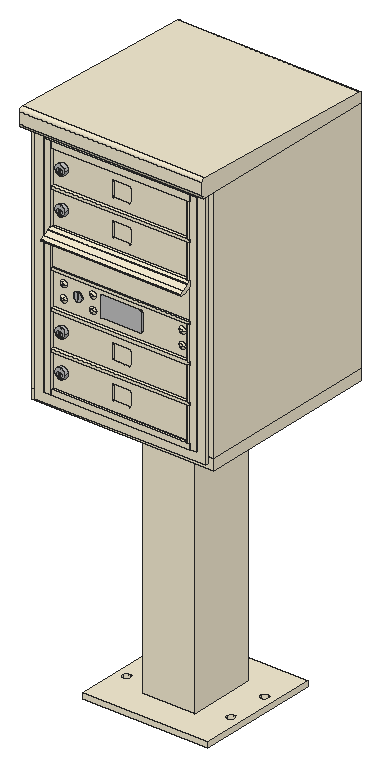
Revit family "Mailboxes_4C-Salsbury_Industries-Pedestal_Mounted-6_Door_High_Units", category Specialty Equipment, Revit 2016
Family settings
  Part Type = Normal
  Round Connector Dimension = Use Diameter
  OmniClass Number = 23.40.90.14.11
  OmniClass Title = Mail Boxes
  Work Plane-Based = No
  Always vertical = Yes
  Cut with Voids When Loaded = No
  Shared = No
  Room Calculation Point = No
Parameters (values of type "3406S-04")
  Width = 17.496"
  Visible Door Number [instance] = yes
  Version = "3.0 (01/30/20)"
  URL = "www.mailboxes.com"
  Type Comments = "Pedestal Mounted 4C Horizontal Mailboxes - Front Loading"
  OmniClass 23 Title = "Mail Boxes"
  OmniClass 23 Number = "23.40.90.14.11"
  Model = "3406S-04"
  MasterFormat Title = "Postal Specialties"
  MasterFormat Number = "10 55 00"
  Manufacturer = "Salsbury Industries"
  Lock Material = Stainless Steel - Salsbury Finish -  Polished
  Height = 51.625"
  Front Panel Material [instance] = Paint - Salsbury Finish - Sandstone
  Pedestal Height = 26.000"
  Door Slot R6 Number [instance] = "4"
  Door Slot R5 Number [instance] = "3"
  Door Slot R4 Number [instance] = "0"
  Door Slot R3 Number [instance] = "0"
  Door Slot R2 Number [instance] = "2"
  Door Slot R1 Number [instance] = "1"
  Door Slot L6 Number [instance] = "0"
  Door Slot L5 Number [instance] = "0"
  Door Slot L4 Number [instance] = "0"
  Door Slot L3 Number [instance] = "0"
  Door Slot L2 Number [instance] = "0"
  Door Slot L1 Number [instance] = "0"
  Description = "6 Door High Unit:  4 MB1, OM2"
  Depth = 19.000"
  Assembly Description = "Mailboxes"
  Assembly Code = "C1030910"
  4C Unit Height = 23.500"
  4C Unit Elevation = 26.375"
  4C Unit = Mailboxes_4C-Salsbury_Industries-Front_Load-6_Door_High_Units : 3706S-04 FL
Reference planes (in)
  plane 1 "Center (Front/Back)": y = 0
  plane 2 "Bottom of Unit": z = 0
  plane 3 "Center (Left/Right)": x = 0
  plane 4 "Left Side of Unit": x = 8.748
  plane 5 "Right Side of Unit": x = -8.748
  plane 6 "Front of Unit": y = -9.5
  plane 7 "Back of Unit": y = 9.5
  plane 8: z = 25.8125
  plane 9 "Top of Unit": z = 51.625
  plane 10 "Top Trim Line of Enclosure": z = 49.875
  plane 11 "Left Trim Line of Enclosure": x = 7.6855
  plane 12 "Right Trim Line of Enclosure": x = -7.685
  plane 13 "Top Back Line of Unit": z = 50.875
  plane 14 "Top of Pedestal, Bottom of Enclosure": z = 26
  plane 15 "Alignment of 4C Unit": y = -8.125
  plane 16: x = -8.667
  plane 17: x = 8.667
  plane 18: y = 9.419
  plane 19: y = -8.044
  plane 20: x = -8.667
  plane 21: x = 8.667
  plane 22: y = -8.044
  plane 23: y = 9.419
  plane 24: x = -8.667
  plane 25: x = 8.667
  plane 26: y = 9.419
  plane 27: y = -8.044
  plane 28 "Bottom Trim Line of 4C Unit": z = 26.375
  plane 29 "4C Unit Side Alignment": x = -8.17183
  plane 30 "Top Pedestal Base-Bottom Side": z = 25.5
  plane 31 "Bottom Line of Enclosure Opening": z = 27
  plane 32: z = 26.081
  plane 33 "Bottom Pedestal Base-Top Side": z = 0.5
  plane 34 "Pedestal Support - Left Side": x = -2.50001
  plane 35 "Pedestal Support - Right Side": x = 2.50001
  plane 36 "Back of Pedestal Base": y = 6.625
  plane 37 "Front of Pedestal Base": y = -5.375
  plane 38 "Pedestal Support - Back": y = 3.812
  plane 39 "Pedestal Support - Front": y = -2.563
  plane 40 "Left Side of Pedestal Base": x = -6
  plane 41 "Right Side of Pedestal Base": x = 6
  plane 42: y = 2.625
  plane 43: y = -1.375
  plane 44: x = -5
  plane 45: x = 5
Forms (in)
  Extrusion 1, solid, material "Paint - Salsbury Finish - Sandstone" <- "Front Panel Material"
    sketch origin (0, 0, 1.5) x (0, 1, 0) y (-1, 0, 0)
      loop
        line (-8.125, 7.685) -> (-8.044, 7.685) -> (-8.044, 8.667) -> (9.419, 8.667) -> (9.419, -8.667) -> (-8.044, -8.667) -> (-8.044, -7.6855) -> (-8.125, -7.6855) -> (-8.125, -8.748) -> (9.5, -8.748) -> (9.5, 8.748) -> (-8.125, 8.748) -> (-8.125, 7.685)
    from 25.5 to 48.375
  Extrusion 2, solid, material "Paint - Salsbury Finish - Sandstone" <- "Front Panel Material"
    sketch origin (0, 0, 26) x (0, 1, 0) y (-1, 0, 0)
      loop
        line (9.5, 8.748) -> (-8.125, 8.748) -> (-8.125, -8.748) -> (9.5, -8.748) -> (9.5, 8.748)
      loop
        line (9.419, 8.667) -> (-8.044, 8.667) -> (-8.044, -8.667) -> (9.419, -8.667) -> (9.419, 8.667)
    from 0 to 1
  Extrusion 3, solid, material "Paint - Salsbury Finish - Sandstone" <- "Front Panel Material"
    sketch origin (0, 0, 26) x (0, 1, 0) y (-1, 0, 0)
      loop
        line (9.419, 8.667) -> (-8.044, 8.667) -> (-8.044, -8.667) -> (9.419, -8.667) -> (9.419, 8.667)
    from 0 to 0.081
  Extrusion 4, solid, material "Paint - Salsbury Finish - Sandstone" <- "Front Panel Material"
    sketch origin (0, 0, 0) x (0, 1, 0) y (0, 0, 1)
      loop
        line (-9.18965, 49.875) -> (9.5, 49.875) -> (9.5, 50.76571)
        arc (9.5, 50.76571) -> (9.47754, 50.83373) -> (9.419, 50.875) r 0.11423
        line (9.419, 50.875) -> (-9.184, 51.625)
        arc (-9.184, 51.625) -> (-9.40731, 51.53386) -> (-9.5, 51.31119) r 0.31382
        line (-9.5, 51.31119) -> (-9.5, 50.18535)
        arc (-9.5, 50.18535) -> (-9.4091, 49.9659) -> (-9.18965, 49.875) r 0.31035
    from -8.748 to 8.748
  Extrusion 5, solid, material "Paint - Salsbury Finish - Sandstone" <- "Front Panel Material"
    sketch origin (0, 0, 0) x (1, 0, 0) y (0, 1, 0)
      loop
        line (-6, 6.625) -> (-6, -5.375) -> (6, -5.375) -> (6, 6.625) -> (-6, 6.625)
    from 0 to 0.5
  Extrusion 6, solid, material "Paint - Salsbury Finish - Sandstone" <- "Front Panel Material"
    sketch origin (0, 0, 25.5) x (0, -1, 0) y (1, 0, 0)
      loop
        line (-6.625, -6) -> (5.375, -6) -> (5.375, 6) -> (-6.625, 6) -> (-6.625, -6)
    from 0 to 0.5
  Extrusion 7, solid, material "Paint - Salsbury Finish - Sandstone" <- "Front Panel Material"
    sketch origin (0, 0, 0.5) x (0, -1, 0) y (1, 0, 0)
      loop
        line (-3.812, -2.50001) -> (2.563, -2.50001) -> (2.563, 2.50001) -> (-3.812, 2.50001) -> (-3.812, -2.50001)
    from 0 to 25
  Extrusion 8, void
    sketch origin (0, 0, 0) x (1, 0, 0) y (0, 1, 0)
      loop
        circle (-5, 2.625) r 0.375
      loop
        circle (-5, -1.375) r 0.375
      loop
        circle (5, 2.625) r 0.375
      loop
        circle (5, -1.375) r 0.375
    from 0 to 0.5
  Extrusion 9, void
    sketch origin (0, 0, 25.5) x (0, -1, 0) y (1, 0, 0)
      loop
        circle (-2.625, -5) r 0.375
      loop
        circle (1.375, -5) r 0.375
      loop
        circle (-2.625, 5) r 0.375
      loop
        circle (1.375, 5) r 0.375
    from 0 to 0.5
Cuts and joins
  Extrusion 8 cuts Extrusion 5
  Extrusion 9 cuts Extrusion 3
  Extrusion 9 cuts Extrusion 6
Lines and regions (in)
  symbolic lines
    curve 1: line (-8.748, 9.5, 0) -> (8.748, 9.5, 0)
    curve 2: line (-8.748, -8.125, 0) -> (-8.748, 9.5, 0)
    curve 3: line (8.748, -8.125, 0) -> (-8.748, -8.125, 0)
    curve 4: line (8.748, 9.5, 0) -> (8.748, -8.125, 0)
    curve 5: line (-8.748, 0, 51.625) -> (8.748, 0, 51.625)
    curve 6: line (-8.748, 0, 26) -> (-8.748, 0, 51.625)
    curve 7: line (8.748, 0, 26) -> (-8.748, 0, 26)
    curve 8: line (8.748, 0, 51.625) -> (8.748, 0, 26)
    curve 9: line (-8.748, 0, 49.875) -> (8.748, 0, 49.875)
    curve 10: line (-7.685, 0, 27) -> (-7.685, 0, 49.875)
    curve 11: line (7.6855, 0, 27) -> (7.6855, 0, 49.875)
    curve 12: line (0, -8.125, 49.87573) -> (0, 9.5, 49.87573)
    curve 13: line (0, -8.125, 26) -> (0, -8.125, 49.87573)
    curve 14: line (0, 6.625, 0) -> (0, -5.375, 0)
    curve 15: line (0, 9.5, 49.87573) -> (0, 9.5, 26)
    curve 16: line (0, -8.125, 27) -> (0, 9.5, 27)
    curve 17: line (0, 9.5, 50.76571) -> (0, 9.5, 49.87573)
    curve 18: line (0, 9.5, 49.87573) -> (0, -9.19074, 49.87573)
    curve 19: line (0, -9.5, 50.18499) -> (0, -9.5, 51.31031)
    curve 20: arc (0, -9.19074, 49.87573) -> (0, -9.40942, 49.96631) -> (0, -9.5, 50.18499) r 0.30926
    curve 21: arc (0, -9.5, 51.31031) -> (0, -9.40736, 51.53396) -> (0, -9.18371, 51.6266) r 0.31629
    curve 22: arc (0, 9.5, 50.76571) -> (0, 9.47754, 50.83373) -> (0, 9.419, 50.875) r 0.11423
    curve 23: line (0, 9.419, 50.875) -> (0, -9.18371, 51.6266)
    curve 24: line (-8.748, 0, 27) -> (8.748, 0, 27)
    curve 25: line (-6, 0, 26) -> (-6, 0, 25.5)
    curve 26: line (-6, 0, 25.5) -> (6, 0, 25.5)
    curve 27: line (6, 0, 25.5) -> (6, 0, 26)
    curve 28: line (-6, 0, 0.5) -> (6, 0, 0.5)
    curve 29: line (-6, 0, 0) -> (-6, 0, 0.5)
    curve 30: line (6, 0, 0) -> (-6, 0, 0)
    curve 31: line (6, 0, 0.5) -> (6, 0, 0)
    curve 32: line (-2.50001, 0, 0.5) -> (-2.50001, 0, 25.5)
    curve 33: line (2.50001, 0, 0.5) -> (2.50001, 0, 25.5)
    curve 34: line (0, -8.125, 26) -> (0, 9.5, 26)
    curve 35: line (0, -5.375, 26) -> (0, -5.375, 25.5)
    curve 36: line (0, -5.375, 25.5) -> (0, 6.625, 25.5)
    curve 37: line (0, 6.625, 25.5) -> (0, 6.625, 26)
    curve 38: line (0, 6.625, 0) -> (0, 6.625, 0.5)
    curve 39: line (0, 6.625, 0.5) -> (0, -5.375, 0.5)
    curve 40: line (0, -5.375, 0.5) -> (0, -5.375, 0)
    curve 41: line (0, -2.563, 0.5) -> (0, -2.563, 25.5)
    curve 42: line (0, 3.812, 0.5) -> (0, 3.812, 25.5)
Dimensions and locks (in)
  equal spacing: plane 6 "Front of Unit", plane 1 "Center (Front/Back)", plane 7 "Back of Unit"
  "Depth": plane 6 "Front of Unit" to plane 7 "Back of Unit"
  equal spacing: plane 5 "Right Side of Unit", plane 3 "Center (Left/Right)", plane 4 "Left Side of Unit"
  "Width": plane 5 "Right Side of Unit" to plane 4 "Left Side of Unit"
  equal spacing: plane 2 "Bottom of Unit", plane 8, plane 9 "Top of Unit"
  plane 2 "Bottom of Unit" to plane 9 "Top of Unit" = 51.625"
  "Pedestal Height": plane 2 "Bottom of Unit" to plane 14 "Top of Pedestal, Bottom of Enclosure"
  locked: plane 5 "Right Side of Unit" to plane 12 "Right Trim Line of Enclosure" at 1.063
  locked: plane 11 "Left Trim Line of Enclosure" to plane 4 "Left Side of Unit" at 1.0625
  plane 10 "Top Trim Line of Enclosure" to plane 13 "Top Back Line of Unit" to plane 9 "Top of Unit" = 1.000", 0.750"
  plane 6 "Front of Unit" to plane 15 "Alignment of 4C Unit" = 1.375"
  plane 10 "Top Trim Line of Enclosure" to plane 9 "Top of Unit" = 1.750"
  plane 5 "Right Side of Unit" to plane 16 = 0.081"
  plane 18 to plane 7 "Back of Unit" = 0.081"
  plane 17 to plane 4 "Left Side of Unit" = 0.081"
  plane 15 "Alignment of 4C Unit" to plane 19 = 0.081"
  plane 23 to plane 7 "Back of Unit" = 0.081"
  plane 5 "Right Side of Unit" to plane 20 = 0.081"
  plane 21 to plane 4 "Left Side of Unit" = 0.081"
  plane 15 "Alignment of 4C Unit" to plane 22 = 0.081"
  plane 15 "Alignment of 4C Unit" to plane 27 = 0.081"
  plane 25 to plane 4 "Left Side of Unit" = 0.081"
  plane 5 "Right Side of Unit" to plane 24 = 0.081"
  plane 26 to plane 7 "Back of Unit" = 0.081"
  plane 29 "4C Unit Side Alignment" to plane 12 "Right Trim Line of Enclosure" = 0.48683"
  "Height": plane 9 "Top of Unit" to plane 2 "Bottom of Unit"
  "4C Unit Height": plane 10 "Top Trim Line of Enclosure" to plane 28 "Bottom Trim Line of 4C Unit"
  plane 31 "Bottom Line of Enclosure Opening" to plane 14 "Top of Pedestal, Bottom of Enclosure" to plane 30 "Top Pedestal Base-Bottom Side" = 1.000", 0.500"
  locked: plane 32 to plane 14 "Top of Pedestal, Bottom of Enclosure" at 0.081
  plane 33 "Bottom Pedestal Base-Top Side" to plane 2 "Bottom of Unit" = 0.500"
  equal spacing: plane 34 "Pedestal Support - Left Side", plane 3 "Center (Left/Right)", plane 35 "Pedestal Support - Right Side"
  plane 34 "Pedestal Support - Left Side" to plane 35 "Pedestal Support - Right Side" = 5.00002"
  plane 37 "Front of Pedestal Base" to plane 1 "Center (Front/Back)" to plane 36 "Back of Pedestal Base" = 5.375", 6.625"
  plane 40 "Left Side of Pedestal Base" to plane 3 "Center (Left/Right)" to plane 41 "Right Side of Pedestal Base" = 6.000", 6.000"
  plane 39 "Pedestal Support - Front" to plane 1 "Center (Front/Back)" to plane 38 "Pedestal Support - Back" = 2.563", 3.812"
  plane 45 to plane 41 "Right Side of Pedestal Base" = 1.000"
  plane 40 "Left Side of Pedestal Base" to plane 44 = 1.000"
  plane 42 to plane 36 "Back of Pedestal Base" = 4.000"
  plane 37 "Front of Pedestal Base" to plane 43 = 4.000"
  aligned and locked: level to plane 2 "Bottom of Unit"
  aligned and locked: Extrusion 1 to plane 10 "Top Trim Line of Enclosure"
  aligned and locked: Extrusion 2 sketch curve to Extrusion 1  (x4)
  aligned and locked: Extrusion 3 sketch curve to Extrusion 1  (x3)
  aligned and locked: Extrusion 4 to plane 4 "Left Side of Unit"
  aligned and locked: plane 5 "Right Side of Unit" to Extrusion 4
  aligned and locked: plane 12 "Right Trim Line of Enclosure" to Extrusion 1 sketch curve
  aligned and locked: Extrusion 1 sketch curve to plane 19
  aligned and locked: Extrusion 1 sketch curve to plane 15 "Alignment of 4C Unit"  (x2)
  aligned and locked: Extrusion 1 sketch curve to plane 5 "Right Side of Unit"
  aligned and locked: plane 16 to Extrusion 1 sketch curve
  aligned and locked: Extrusion 1 sketch curve to plane 18
  aligned and locked: plane 7 "Back of Unit" to Extrusion 1 sketch curve
  aligned and locked: plane 4 "Left Side of Unit" to Extrusion 1 sketch curve
  aligned and locked: Extrusion 1 sketch curve to plane 17
  aligned and locked: plane 19 to Extrusion 1 sketch curve
  aligned and locked: plane 11 "Left Trim Line of Enclosure" to Extrusion 1 sketch curve
  aligned and locked: plane 6 "Front of Unit" to Extrusion 4 sketch curve  (x2)
  aligned and locked: plane 10 "Top Trim Line of Enclosure" to Extrusion 4 sketch curve
  aligned and locked: Extrusion 4 sketch curve to plane 7 "Back of Unit"
  aligned and locked: plane 7 "Back of Unit" to Extrusion 4 sketch curve
  aligned and locked: plane 13 "Top Back Line of Unit" to Extrusion 4 sketch curve
  aligned and locked: plane 9 "Top of Unit" to Extrusion 4 sketch curve
  aligned and locked: plane 21 to Extrusion 2 sketch curve
  aligned and locked: Extrusion 2 sketch curve to plane 20
  aligned and locked: plane 23 to Extrusion 2 sketch curve
  aligned and locked: curve 1 to Extrusion 1
  aligned and locked: curve 2 to Extrusion 1
  aligned and locked: curve 3 to Extrusion 2
  aligned and locked: curve 4 to Extrusion 1
  aligned and locked: curve 6 to Extrusion 4
  aligned and locked: curve 7 to Extrusion 2
  aligned and locked: plane 9 "Top of Unit" to curve 5
  aligned and locked: curve 9 to Extrusion 1
  aligned and locked: plane 5 "Right Side of Unit" to curve 9
  aligned and locked: plane 4 "Left Side of Unit" to curve 9
  aligned and locked: Extrusion 1 to curve 10
  aligned and locked: curve 11 to Extrusion 1
  aligned and locked: plane 10 "Top Trim Line of Enclosure" to curve 11
  aligned and locked: plane 7 "Back of Unit" to curve 15
  aligned and locked: plane 2 "Bottom of Unit" to curve 14
  aligned and locked: plane 10 "Top Trim Line of Enclosure" to Extrusion 4
  aligned and locked: plane 15 "Alignment of 4C Unit" to Extrusion 1
  aligned and locked: Extrusion 1 to curve 16
  aligned and locked: plane 7 "Back of Unit" to curve 16
  aligned and locked: plane 15 "Alignment of 4C Unit" to curve 16
  aligned and locked: curve 17 to Extrusion 4
  aligned and locked: curve 18 to curve 12
  aligned and locked: curve 19 to Extrusion 4
  aligned and locked: Extrusion 2 to plane 31 "Bottom Line of Enclosure Opening"
  aligned and locked: Extrusion 1 to Extrusion 2
  aligned and locked: plane 14 "Top of Pedestal, Bottom of Enclosure" to Extrusion 3
  aligned and locked: Extrusion 3 to plane 32
  aligned and locked: plane 36 "Back of Pedestal Base" to Extrusion 5 sketch curve
  aligned and locked: Extrusion 5 sketch curve to plane 40 "Left Side of Pedestal Base"
  aligned and locked: Extrusion 5 sketch curve to plane 37 "Front of Pedestal Base"
  aligned and locked: plane 41 "Right Side of Pedestal Base" to Extrusion 5 sketch curve
  aligned and locked: Extrusion 5 to plane 33 "Bottom Pedestal Base-Top Side"
  aligned and locked: Extrusion 6 sketch curve to plane 36 "Back of Pedestal Base"
  aligned and locked: plane 40 "Left Side of Pedestal Base" to Extrusion 6 sketch curve
  aligned and locked: plane 37 "Front of Pedestal Base" to Extrusion 6 sketch curve
  aligned and locked: Extrusion 6 sketch curve to plane 41 "Right Side of Pedestal Base"
  aligned and locked: Extrusion 6 to plane 14 "Top of Pedestal, Bottom of Enclosure"
  aligned and locked: plane 30 "Top Pedestal Base-Bottom Side" to Extrusion 6
  aligned and locked: Extrusion 5 to level
  aligned and locked: Extrusion 7 sketch curve to plane 38 "Pedestal Support - Back"
  aligned and locked: plane 34 "Pedestal Support - Left Side" to Extrusion 7 sketch curve
  aligned and locked: plane 39 "Pedestal Support - Front" to Extrusion 7 sketch curve
  aligned and locked: Extrusion 7 sketch curve to plane 35 "Pedestal Support - Right Side"
  aligned and locked: Extrusion 7 to plane 30 "Top Pedestal Base-Bottom Side"
  aligned and locked: plane 33 "Bottom Pedestal Base-Top Side" to Extrusion 7
  aligned and locked: Extrusion 8 to plane 33 "Bottom Pedestal Base-Top Side"
  aligned and locked: Extrusion 8 to level
  aligned and locked: Extrusion 9 to plane 14 "Top of Pedestal, Bottom of Enclosure"
  aligned and locked: plane 30 "Top Pedestal Base-Bottom Side" to Extrusion 9
  aligned and locked: plane 31 "Bottom Line of Enclosure Opening" to curve 24
  aligned and locked: plane 31 "Bottom Line of Enclosure Opening" to curve 11
  aligned and locked: curve 25 to cut or joined group of Extrusion 6, Extrusion 9
  aligned and locked: curve 26 to cut or joined group of Extrusion 6, Extrusion 9
  aligned and locked: curve 27 to cut or joined group of Extrusion 6, Extrusion 9
  aligned and locked: curve 28 to cut or joined group of Extrusion 5, Extrusion 8
  aligned and locked: curve 29 to cut or joined group of Extrusion 5, Extrusion 8
  aligned and locked: curve 30 to cut or joined group of Extrusion 5, Extrusion 8
  aligned and locked: curve 31 to cut or joined group of Extrusion 5, Extrusion 8
  aligned and locked: curve 13 to Extrusion 2
  aligned and locked: curve 34 to Extrusion 2
  aligned and locked: curve 35 to cut or joined group of Extrusion 6, Extrusion 9
  aligned and locked: curve 36 to cut or joined group of Extrusion 6, Extrusion 9
  aligned and locked: curve 37 to cut or joined group of Extrusion 6, Extrusion 9
  aligned and locked: curve 38 to cut or joined group of Extrusion 5, Extrusion 8
  aligned and locked: curve 39 to cut or joined group of Extrusion 5, Extrusion 8
  aligned and locked: curve 40 to cut or joined group of Extrusion 5, Extrusion 8
  aligned and locked: curve 33 to Extrusion 7
  aligned and locked: plane 29 "4C Unit Side Alignment" to nested 1
Automatic sketch dimensions
  Extrusion 4 sketch curve to plane 26 = 0.000"
  Extrusion 4 sketch curve to plane 6 "Front of Unit" = 0.31035"
  Extrusion 4 sketch curve to plane 6 "Front of Unit" = 0.31382"
  plane 26 to Extrusion 4 sketch curve = 0.03323"
  Extrusion 4 sketch curve to Extrusion 4 sketch curve = 0.00218"
  plane 22 to Extrusion 2 sketch curve = 0.000"
  plane 27 to Extrusion 3 sketch curve = 0.000"
  plane 43 to Extrusion 8 sketch curve = 0.000"  (x2)
  Extrusion 8 sketch curve to plane 44 = 0.000"  (x2)
  plane 42 to Extrusion 8 sketch curve = 0.000"  (x2)
  Extrusion 8 sketch curve to plane 45 = 0.000"  (x2)
  plane 42 to Extrusion 9 sketch curve = 0.000"  (x2)
  plane 43 to Extrusion 9 sketch curve = 0.000"  (x2)
  Extrusion 9 sketch curve to plane 44 = 0.000"  (x2)
  Extrusion 9 sketch curve to plane 45 = 0.000"  (x2)
  curve 41 to plane 39 "Pedestal Support - Front" = 0.000"
  curve 42 to plane 38 "Pedestal Support - Back" = 0.000"
  plane 13 "Top Back Line of Unit" to curve 23 = 0.000"
  curve 23 to plane 26 = 0.000"
  curve 20 to plane 6 "Front of Unit" = 0.30926"
  curve 21 to plane 6 "Front of Unit" = 0.31629"
  plane 26 to curve 22 = 0.03323"
  curve 13 to plane 10 "Top Trim Line of Enclosure" = 0.00073"
  plane 9 "Top of Unit" to curve 19 = 0.31469"
  plane 34 "Pedestal Support - Left Side" to curve 32 = 0.000"
  curve 25 to plane 14 "Top of Pedestal, Bottom of Enclosure" = 0.000"
  radius of Extrusion 8 sketch curve = 0.375"  (x4)
  radius of Extrusion 9 sketch curve = 0.375"  (x4)
Nested families (in)
  nested 1: "Mailboxes_4C-Salsbury_Industries-Front_Load-6_Door_High_Units" at (7.377, -8.125, -0.308) x (-1, 0, 0) z (0, 0, 1), built-in parameter 1001360 <- "4C Unit Elevation", type <- "4C Unit", Front Panel Material <- "Front Panel Material", Visible Door Number <- "Visible Door Number", Door Slot L1 Number <- "Door Slot L1 Number", Door Slot L2 Number <- "Door Slot L2 Number", Door Slot L3 Number <- "Door Slot L3 Number", Door Slot L4 Number <- "Door Slot L4 Number", Door Slot L5 Number <- "Door Slot L5 Number", Door Slot L6 Number <- "Door Slot L6 Number", Door Slot R1 Number <- "Door Slot R1 Number", Door Slot R2 Number <- "Door Slot R2 Number", Door Slot R3 Number <- "Door Slot R3 Number", Door Slot R4 Number <- "Door Slot R4 Number", Door Slot R5 Number <- "Door Slot R5 Number", Door Slot R6 Number <- "Door Slot R6 Number", type "3706S-04 FL"
    with Visible Door Number yes, Front Panel Material Paint - Salsbury Finish - Sandstone, Door Slot R6 Number "4", Door Slot R5 Number "3", Door Slot R4 Number "0", Door Slot R3 Number "0", Door Slot R2 Number "2", Door Slot R1 Number "1", Door Slot L6 Number "0", Door Slot L5 Number "0", Door Slot L4 Number "0", Door Slot L3 Number "0", Door Slot L2 Number "0", Door Slot L1 Number "0", built-in parameter 1001320 48.000"
Definition of nested family "Mailboxes_4C-Salsbury_Industries-Front_Load-6_Door_High_Units"
  Parameters (values of type "3706S-04 FL")
    Width = 16.344"
    URL = "www.mailboxes.com"
    OmniClass 23 Title = "Mail Boxes"
    OmniClass 23 Number = "23.40.90.14.11"
    Visible Door Number [instance] = yes
    Vertical Center Divider = no
    Version = "4.0 (01/30/20)"
    Type Comments = "4C Standard Horizontal Mailbox - Front Loading"
    Top Back Plate = yes
    Right Inside Wall = yes
    Model = "3706S-04 FL"
    MasterFormat Title = "Postal Specialties"
    MasterFormat Number = "10 55 00"
    Manufacturer = "Salsbury Industries"
    Mail Door Symbollic = yes
    Lock Material = none
    Left Inside Wall = yes
    Keynote = ""
    Height = 23.500"
    Front Panel Material [instance] = none
    Door Slot R6 Number [instance] = "4"
    Door Slot R6 = 3700 Series 4C Door Configurations : MB1 Door w/ Divider
    Door Slot R5 Number [instance] = "3"
    Door Slot R5 = 3700 Series 4C Door Configurations : MB1 Door w/ Divider
    Door Slot R4 Number [instance] = "0"
    Door Slot R4 = 3700 Series 4C OM2 Configuration : OM2-FL
    Door Slot R3 Number [instance] = "0"
    Door Slot R3 = 3700 Series 4C Door Configurations : Empty
    Door Slot R2 Number [instance] = "2"
    Door Slot R2 = 3700 Series 4C Door Configurations : MB1 Door w/ Divider
    Door Slot R1 Number [instance] = "1"
    Door Slot R1 = 3700 Series 4C Door Configurations : MB1 Door
    Door Slot L6 Number [instance] = "0"
    Door Slot L6 = 3700 Series 4C Door Configurations : Empty
    Door Slot L5 Number [instance] = "0"
    Door Slot L5 = 3700 Series 4C Door Configurations : Empty
    Door Slot L4 Number [instance] = "0"
    Door Slot L4 = 3700 Series 4C Door Configurations : Empty
    Door Slot L3 Number [instance] = "0"
    Door Slot L3 = 3700 Series 4C Door Configurations : Empty
    Door Slot L2 Number [instance] = "0"
    Door Slot L2 = 3700 Series 4C Door Configurations : Empty
    Door Slot L1 Number [instance] = "0"
    Door Slot L1 = 3700 Series 4C Door Configurations : Empty
    Description = "6 Door High Unit:  4 MB1, OM2"
    Depth = 17.025"
    Default Elevation [instance] = 48.000"
    Center Extrusion Offset = 0.000"
    Bottom Back Plate = yes
    Back Enclosure Material = none
    Assembly Description = "Mailboxes"
    Assembly Code = "C1030910"
  Types (7): name | Width | Vertical Center Divider | Model | Mail Door Symbollic | Door Slot R6 Number | Door Slot R6 | Door Slot R5 Number | Door Slot R5 | Door Slot R4 | Door Slot R2 Number | Door Slot R2 | Door Slot R1 Number | Door Slot R1 | Door Slot L6 Number | Door Slot L6 | Door Slot L5 Number | Door Slot L5 | Door Slot L4 Number | Door Slot L4 | Door Slot L3 Number | Door Slot L3 | Door Slot L2 Number | Door Slot L2 | Door Slot L1 Number | Door Slot L1 | Description
    3706D-10 FL | 31.09766" | yes | "3706D-10 FL" | yes | "10" | 3700 Series 4C Door Configurations : MB1 Door w/ Divider | "9" | 3700 Series 4C Door Configurations : MB1 Door w/ Divider | 3700 Series 4C OM2 Configuration : OM2-FL | "8" | 3700 Series 4C Door Configurations : MB1 Door w/ Divider | "7" | 3700 Series 4C Door Configurations : MB1 Door | "6" | 3700 Series 4C Door Configurations : MB1 Door w/ Divider | "5" | 3700 Series 4C Door Configurations : MB1 Door w/ Divider | "4" | 3700 Series 4C Door Configurations : MB1 Door w/ Divider | "3" | 3700 Series 4C Door Configurations : MB1 Door w/ Divider | "2" | 3700 Series 4C Door Configurations : MB1 Door w/ Divider | "1" | 3700 Series 4C Door Configurations : MB1 Door | "6 Door High Unit:  10 MB1, OM2"
    3706S-04 FL | 16.344" | no | "3706S-04 FL" | yes | "4" | 3700 Series 4C Door Configurations : MB1 Door w/ Divider | "3" | 3700 Series 4C Door Configurations : MB1 Door w/ Divider | 3700 Series 4C OM2 Configuration : OM2-FL | "2" | 3700 Series 4C Door Configurations : MB1 Door w/ Divider | "1" | 3700 Series 4C Door Configurations : MB1 Door | "0" | 3700 Series 4C Door Configurations : Empty | "0" | 3700 Series 4C Door Configurations : Empty | "0" | 3700 Series 4C Door Configurations : Empty | "0" | 3700 Series 4C Door Configurations : Empty | "0" | 3700 Series 4C Door Configurations : Empty | "0" | 3700 Series 4C Door Configurations : Empty | "6 Door High Unit:  4 MB1, OM2"
    3706D-09 FL | 31.09766" | yes | "3706D-09 FL" | yes | "9" | 3700 Series 4C Door Configurations : MB1 Door w/ Divider | "0" | 3700 Series 4C OM3 Configuration : OM3-FL | 3700 Series 4C Door Configurations : Empty | "8" | 3700 Series 4C Door Configurations : MB1 Door w/ Divider | "7" | 3700 Series 4C Door Configurations : MB1 Door | "6" | 3700 Series 4C Door Configurations : MB1 Door w/ Divider | "5" | 3700 Series 4C Door Configurations : MB1 Door w/ Divider | "4" | 3700 Series 4C Door Configurations : MB1 Door w/ Divider | "3" | 3700 Series 4C Door Configurations : MB1 Door w/ Divider | "2" | 3700 Series 4C Door Configurations : MB1 Door w/ Divider | "1" | 3700 Series 4C Door Configurations : MB1 Door | "6 Door High Unit:  9 MB1, OM3"
    3706D-05 FL | 31.09766" | yes | "3706D-05 FL" | yes | "5" | 3700 Series 4C Door Configurations : MB1 Door w/ Divider | "4" | 3700 Series 4C Door Configurations : MB1 Door w/ Divider | 3700 Series 4C OM2 Configuration : OM2-FL | "3" | 3700 Series 4C Door Configurations : MB1 Door w/ Divider | "2" | 3700 Series 4C Door Configurations : MB1 Door | "1P" | 3700 Series 4C Parcel Configurations : PL5 w/ Divider | "0" | 3700 Series 4C Door Configurations : Empty | "0" | 3700 Series 4C Door Configurations : Empty | "0" | 3700 Series 4C Door Configurations : Empty | "0" | 3700 Series 4C Door Configurations : Empty | "1" | 3700 Series 4C Door Configurations : MB1 Door | "6 Door High Unit:  5 MB1, 1 PL5, OM2"
    3706D-2P FL | 31.09766" | yes | "3706D-2P FL" | no | "2P" | 3700 Series 4C Parcel Configurations : PL6 | "0" | 3700 Series 4C Door Configurations : Empty | 3700 Series 4C Door Configurations : Empty | "1" | 3700 Series 4C Door Configurations : Empty | "0" | 3700 Series 4C Door Configurations : Empty | "1P" | 3700 Series 4C Parcel Configurations : PL6 | "0" | 3700 Series 4C Door Configurations : Empty | "0" | 3700 Series 4C Door Configurations : Empty | "0" | 3700 Series 4C Door Configurations : Empty | "0" | 3700 Series 4C Door Configurations : Empty | "0" | 3700 Series 4C Door Configurations : Empty | "6 Door High Unit:  2 PL6"
    3706S-1P FL | 16.344" | no | "3706S-1P FL" | no | "1P" | 3700 Series 4C Parcel Configurations : PL6 | "0" | 3700 Series 4C Door Configurations : Empty | 3700 Series 4C Door Configurations : Empty | "0" | 3700 Series 4C Door Configurations : Empty | "0" | 3700 Series 4C Door Configurations : Empty | "0" | 3700 Series 4C Door Configurations : Empty | "0" | 3700 Series 4C Door Configurations : Empty | "0" | 3700 Series 4C Door Configurations : Empty | "0" | 3700 Series 4C Door Configurations : Empty | "0" | 3700 Series 4C Door Configurations : Empty | "0" | 3700 Series 4C Door Configurations : Empty | "6 Door High Unit:  1 PL6"
    3706S-03 FL | 16.344" | no | "3706S-03 FL" | yes | "3" | 3700 Series 4C Door Configurations : MB1 Door w/ Divider | "0" | 3700 Series 4C OM3 Configuration : OM3-FL | 3700 Series 4C Door Configurations : Empty | "2" | 3700 Series 4C Door Configurations : MB1 Door w/ Divider | "1" | 3700 Series 4C Door Configurations : MB1 Door | "0" | 3700 Series 4C Door Configurations : Empty | "0" | 3700 Series 4C Door Configurations : Empty | "0" | 3700 Series 4C Door Configurations : Empty | "0" | 3700 Series 4C Door Configurations : Empty | "0" | 3700 Series 4C Door Configurations : Empty | "0" | 3700 Series 4C Door Configurations : Empty | "6 Door High Unit:  3 MB1, OM3"
  Reference planes (in)
    plane 1 "Wall Centerline": y = -3
    plane 2 "Center (Left/Right)": x = 0
    plane 3 "Front": y = 0
    plane 4 "15" AFF": z = 28
    plane 5 "28" AFF": z = 28
    plane 6 "36" AFF": z = 36
    plane 7 "48" AFF": z = 48
    plane 8 "Bottom of Unit": z = 26.683
    plane 9 "Top of Unit": z = 50.183
    plane 10 "Left Side of Unit": x = 15.54883
    plane 11 "Right Side of Unit": x = -0.79517
    plane 12 "28" AFF_Bottom of Unit": z = 26.683
    plane 13 "Top Horiz Trim Align": z = 49.35225
    plane 14 "Bottom Horiz Trim Align": z = 27.515
    plane 15 "Left Trim Align": x = 14.716
    plane 16 "Right Trim Align": x = 0.03766
    plane 17 "Left Door Align": x = 14.06641
    plane 18 "Right Door Align": x = 0.68725
    plane 19 "Top Horiz Door Align": z = 48.76125
    plane 20 "Bottom Horiz Door Align": z = 28
    plane 21 "Front Face of Unit": y = 0.265
    plane 22 "Top Housing Align": z = 49.679
    plane 23 "Top Collar Align": z = 49.531
    plane 24 "Top Box Align": z = 49.176
    plane 25 "Vertical Housing Align": y = -1.205
    plane 26 "Vertical Collar Align": y = -2.205
    plane 27 "Back of Unit": y = -16.76
    plane 28 "Bottom Housing Align": z = 27.187
    plane 29 "Bottom Collar Align": z = 27.335
    plane 30 "Bottom Box Align": z = 27.75
    plane 31 "Door Alignment": y = -0.33191
    plane 32 "Right Housing Align": x = -0.08817
    plane 33 "Right Collar Align": x = 1.34483
    plane 34 "Right Box Side Align": x = 1.67283
    plane 35 "Left Housing Align": x = 14.84183
    plane 36 "Left Collar Align": x = 13.40883
    plane 37 "Left Side Box Align": x = 13.08083
    plane 38 "Top Back Plate Align": z = 48.397
    plane 39 "Bottom Back Plate Align": z = 28.499
    plane 40 "Back": y = -6
    plane 41 "RO Left Side": x = 15.17383
    plane 42 "RO Right Side": x = -0.42017
    plane 43 "RO Bottom": z = 27.058
    plane 44 "RO Top": z = 49.808
    plane 45 "Horiz Centerline": z = 42.04237
    plane 46: z = 27.885
    plane 47: x = 12.99983
    plane 48: x = 12.92758
    plane 49 "Center Extrusion": x = 0
    plane 50 "Center Extrusion Offset": x = 0
    plane 51 "Row 6 Top Align": z = 31.5
    plane 52 "Row 5 Top Align": z = 35
    plane 53 "Row 4 Top Align": z = 38.5
    plane 54 "Row 3 Top Align": z = 42
    plane 55 "Row 2 Top Align": z = 45.5
    plane 56 "Row 16 Top Align-Private": z = 31.5
    plane 57 "Row 15 Top Align-Private": z = 35
    plane 58 "Row 14 Top Align-Private": z = 38.5
    plane 59 "Row 13 Top Align-Private": z = 42
    plane 60 "Row 12 Top Align-Private": z = 45.5
    plane 61 "Row 11 Top Align-Private": z = 49
    plane 62 "Row 10 Top Align-Private": z = 52.25
    plane 63 "Row 9 Top Align-Private": z = 55.75
    plane 64 "Row 8 Top Align-Private": z = 59.25
    plane 65 "Top of Face Gap": z = 61.25
    plane 66 "Top Latch Align": z = 40.876
    plane 67 "Bottom Latch Align": z = 36.05
    plane 68 "Right Latch Align": x = -0.69183
    plane 69 "Left Latch Align": x = 0.69098
    plane 70 "Latch Alignment Edge": x = -0.79517
    plane 71: x = -12.92783
    plane 72: x = -12.99983
    plane 73: y = -16.84203
    plane 74: x = -2
    plane 75: x = -0.7705
    plane 76: x = 0.7705
    plane 77: x = 2
    plane 78: y = -16.67797
    plane 79: x = -0.69098
    plane 80: x = 0.69183
    plane 81: z = 46.897
    plane 82: z = 29.999
    plane 83: z = 48.81729
    plane 84: z = 28.41625
    plane 85: z = 27.446
    plane 86: z = 28.055
    plane 87: y = -6
    plane 88: x = 14.06267
  Forms (in)
    Extrusion 1, solid, material <- "Front Panel Material"
      sketch origin (0, 0, 0) x (1, 0, 0) y (0, 0, 1)
        loop
          line (15.54883, 50.183) -> (-0.79517, 50.183) -> (-0.79517, 26.683) -> (15.54883, 26.683) -> (15.54883, 50.183)
      from -0.265 to 0
    Extrusion 2, void
      sketch origin (0, 0.265, 0.00774) x (0, 0, -1) y (-1, 0, 0)
        loop
          line (-49.34451, -14.716) -> (-27.50726, -14.716) -> (-27.50726, -0.03766) -> (-49.34451, -0.03766) -> (-49.34451, -14.716)
      from -0.265 to 0
    Extrusion 3, solid, material <- "Front Panel Material"
      sketch origin (14.98214, 0.265, -1.67978) x (0, 0, -1) y (-1, 0, 0)
        loop
          line (-51.03203, 14.94448) -> (-51.03203, 14.29489) -> (-29.19478, 14.29489) -> (-29.19478, 14.94448) -> (-51.03203, 14.94448)
      from 0 to -0.265
    Extrusion 4, solid, material <- "Front Panel Material"
      sketch origin (0, 0.265, 0) x (0, 0, -1) y (-1, 0, 0)
        loop
          line (-27.515, -14.06641) -> (-27.515, -0.68725) -> (-28, -0.68725) -> (-28, -14.06641) -> (-27.515, -14.06641)
      from -0.265 to 0
    Extrusion 5, solid, material <- "Front Panel Material"
      sketch origin (0, 0.265, 0) x (0, 0, -1) y (-1, 0, 0)
        loop
          line (-49.35225, -14.716) -> (-27.515, -14.716) -> (-27.515, -14.06641) -> (-49.35225, -14.06641) -> (-49.35225, -14.716)
      from 0 to -0.265
    Extrusion 6, solid, material <- "Front Panel Material"
      sketch origin (0, 0.265, 0) x (0, 0, -1) y (-1, 0, 0)
        loop
          line (-49.35225, -14.06641) -> (-48.76125, -14.06641) -> (-48.76125, -0.68725) -> (-49.35225, -0.68725) -> (-49.35225, -14.06641)
      from -0.265 to 0
    Extrusion 7, solid, material <- "Front Panel Material", visible <- "Vertical Center Divider"
      sketch origin (-0.77934, 0.265, 0) x (0, 0, 1) y (1, 0, 0)
        loop
          line (49.35225, 1.47033) -> (27.515, 1.47033) -> (27.515, 0.08752) -> (49.35225, 0.08752) -> (49.35225, 1.47033)
      from 0 to -1.47
    Extrusion 8, solid
      sketch origin (0, -6, 60) x (0, 0, 1) y (1, 0, 0)
        loop
          line (-60, -60) -> (60, -60) -> (60, 60) -> (-60, 60) -> (-60, -60)
      from 0 to 6
  Cuts and joins
    Extrusion 2 cuts Extrusion 1
  Lines and regions (in)
    model lines
      curve 1: line (15.54883, 0.265, 50.183) -> (14.716, 0.265, 49.35225)
      curve 2: line (-0.79517, 0.265, 50.183) -> (0.03766, 0.265, 49.35225)
      curve 3: line (-0.79517, 0.265, 26.683) -> (0.03766, 0.265, 27.515)
      curve 4: line (15.54883, 0.265, 26.683) -> (14.716, 0.265, 27.515)
    reference lines
      curve 5: line (0.68725, -0.33191, 26.683) -> (0.68725, -0.33191, 50.183)
      curve 6: line (14.06641, -0.33191, 26.683) -> (14.06641, -0.33191, 50.183)
    symbolic lines
      curve 7: line (-0.79517, 0.265, 28) -> (15.54883, 0.265, 28)
      curve 8: line (-0.79517, 0, 28) -> (-0.79517, 0.265, 28)
      curve 9: line (15.54883, 0, 28) -> (-0.79517, 0, 28)
      curve 10: line (15.54883, 0.265, 28) -> (15.54883, 0, 28)
    symbolic lines, visible <- "Mail Door Symbollic"
      curve 11: line (0.68725, 0.265, 28) -> (0.68725, 1.43, 28)
      curve 12: line (0.68725, 1.43, 28) -> (14.06267, 1.43, 28)
      curve 13: line (14.06267, 1.43, 28) -> (14.06267, 0.265, 28)
  Text (in)
    text "Placement Side" at (0, 40.15149, 123.01588), in view "Right"
    text "Placement Side" at (-58.6842, 42.74981, 0), in view "Ref. Level"
    text "Placement Side" at (0, 47.49176, 140.59947), in view "Left"
  Dimensions and locks (in)
    locked: plane 3 "Front" to Extrusion 8
    level to plane 4 "15" AFF" = 28.000"
    locked: level to plane 5 "28" AFF" at 28
    locked: level to plane 6 "36" AFF" at 36
    locked: level to plane 7 "48" AFF" at 48
    plane 8 "Bottom of Unit" to plane 4 "15" AFF" = 1.317"
    "Height": plane 8 "Bottom of Unit" to plane 9 "Top of Unit"
    plane 12 "28" AFF_Bottom of Unit" to plane 5 "28" AFF" = 1.317"
    locked: plane 15 "Left Trim Align" to plane 10 "Left Side of Unit" at 0.83283
    locked: plane 16 "Right Trim Align" to plane 11 "Right Side of Unit" at 0.83283
    locked: plane 13 "Top Horiz Trim Align" to plane 9 "Top of Unit" at 0.83075
    locked: plane 8 "Bottom of Unit" to plane 14 "Bottom Horiz Trim Align" at 0.832
    plane 17 "Left Door Align" to plane 15 "Left Trim Align" = 0.64959"
    locked: plane 18 "Right Door Align" to plane 16 "Right Trim Align" at 0.64959
    locked: plane 19 "Top Horiz Door Align" to plane 13 "Top Horiz Trim Align" at 0.591
    locked: plane 14 "Bottom Horiz Trim Align" to plane 20 "Bottom Horiz Door Align" at 0.485
    plane 20 "Bottom Horiz Door Align" to level = 28.000"
    plane 5 "28" AFF" to level = 28.000"
    plane 6 "36" AFF" to level = 36.000"
    plane 7 "48" AFF" to level = 48.000"
    plane 9 "Top of Unit" to plane 8 "Bottom of Unit" = 23.500"
    plane 21 "Front Face of Unit" to Extrusion 8 = 0.265"
    locked: Extrusion 8 to plane 25 "Vertical Housing Align" at 1.205
    locked: plane 25 "Vertical Housing Align" to plane 26 "Vertical Collar Align" at 1
    plane 25 "Vertical Housing Align" to plane 27 "Back of Unit" = 15.555"
    "Depth": plane 21 "Front Face of Unit" to plane 27 "Back of Unit"
    locked: plane 9 "Top of Unit" to plane 22 "Top Housing Align" at 0.504
    locked: plane 22 "Top Housing Align" to plane 23 "Top Collar Align" at 0.148
    locked: plane 23 "Top Collar Align" to plane 24 "Top Box Align" at 0.355
    locked: plane 28 "Bottom Housing Align" to plane 8 "Bottom of Unit" at 0.504
    locked: plane 29 "Bottom Collar Align" to plane 28 "Bottom Housing Align" at 0.148
    locked: plane 30 "Bottom Box Align" to plane 29 "Bottom Collar Align" at 0.415
    plane 24 "Top Box Align" to plane 30 "Bottom Box Align" = 21.426"  (x2)
    locked: plane 21 "Front Face of Unit" to plane 31 "Door Alignment" at 0.59691
    plane 11 "Right Side of Unit" to plane 32 "Right Housing Align" to plane 33 "Right Collar Align" to plane 34 "Right Box Side Align" = 0.707" locked, 1.433" locked, 0.328" locked
    plane 37 "Left Side Box Align" to plane 36 "Left Collar Align" to plane 35 "Left Housing Align" to plane 10 "Left Side of Unit" = 0.328" locked, 1.433" locked, 0.707" locked
    plane 11 "Right Side of Unit" to plane 32 "Right Housing Align" to plane 33 "Right Collar Align" to plane 34 "Right Box Side Align" = 0.707", 1.433", 0.328"
    plane 37 "Left Side Box Align" to plane 36 "Left Collar Align" to plane 35 "Left Housing Align" to plane 10 "Left Side of Unit" = 0.328", 1.433", 0.707"
    plane 9 "Top of Unit" to plane 24 "Top Box Align" = 1.007"
    plane 30 "Bottom Box Align" to plane 8 "Bottom of Unit" = 1.067"
    locked: plane 24 "Top Box Align" to plane 38 "Top Back Plate Align" at 0.779
    locked: plane 39 "Bottom Back Plate Align" to plane 30 "Bottom Box Align" at 0.749
    locked: plane 41 "RO Left Side" to plane 10 "Left Side of Unit" at 0.375
    locked: plane 42 "RO Right Side" to plane 11 "Right Side of Unit" at 0.375
    locked: plane 8 "Bottom of Unit" to plane 43 "RO Bottom" at 0.375
    locked: plane 44 "RO Top" to plane 9 "Top of Unit" at 0.375
    plane 46 to plane 30 "Bottom Box Align" = 0.135"
    plane 47 to plane 37 "Left Side Box Align" = 0.081"
    plane 48 to plane 47 = 0.07225"
    plane 18 "Right Door Align" to plane 17 "Left Door Align" = 13.37916"
    "Center Extrusion Offset": plane 49 "Center Extrusion" to plane 50 "Center Extrusion Offset"
    plane 20 "Bottom Horiz Door Align" to plane 51 "Row 6 Top Align" to plane 52 "Row 5 Top Align" to plane 53 "Row 4 Top Align" to plane 54 "Row 3 Top Align" to plane 55 "Row 2 Top Align" = 3.500", 3.500" locked, 3.500" locked, 3.500" locked, 3.500" locked
    plane 4 "15" AFF" to plane 56 "Row 16 Top Align-Private" = 3.500"
    plane 56 "Row 16 Top Align-Private" to plane 57 "Row 15 Top Align-Private" to plane 58 "Row 14 Top Align-Private" to plane 59 "Row 13 Top Align-Private" to plane 60 "Row 12 Top Align-Private" to plane 61 "Row 11 Top Align-Private" to plane 62 "Row 10 Top Align-Private" to plane 63 "Row 9 Top Align-Private" to plane 64 "Row 8 Top Align-Private" = 3.500" locked, 3.500" locked, 3.500" locked, 3.500" locked, 3.500" locked, 3.250" locked, 3.500" locked, 3.500" locked
    locked: plane 64 "Row 8 Top Align-Private" to plane 65 "Top of Face Gap" at 2
    level to plane 8 "Bottom of Unit" = 26.683"
    locked: plane 68 "Right Latch Align" to plane 69 "Left Latch Align" at 1.38281
    plane 24 "Top Box Align" to plane 66 "Top Latch Align" = 8.300"
    plane 67 "Bottom Latch Align" to plane 30 "Bottom Box Align" = 8.300"
    plane 70 "Latch Alignment Edge" to plane 68 "Right Latch Align" = 0.10334"
    plane 72 to plane 71 to plane 34 "Right Box Side Align" = 0.072", 14.60066"
    plane 73 to plane 27 "Back of Unit" = 0.08203"
    plane 27 "Back of Unit" to plane 78 = 0.08203"
    plane 74 to plane 75 to plane 68 "Right Latch Align" to plane 50 "Center Extrusion Offset" = 1.2295", 0.07867", 0.69183"
    plane 50 "Center Extrusion Offset" to plane 69 "Left Latch Align" to plane 76 to plane 77 = 0.69098", 0.07952", 1.2295"
    plane 79 to plane 49 "Center Extrusion" to plane 80 = 0.69098" locked, 0.69183" locked
    plane 11 "Right Side of Unit" to Extrusion 1 = 16.344"
    plane 38 "Top Back Plate Align" to plane 81 = 1.500"
    plane 82 to plane 39 "Bottom Back Plate Align" = 1.500"
    locked: plane 83 to plane 24 "Top Box Align" at 0.35871
    plane 14 "Bottom Horiz Trim Align" to plane 84 = 0.90125"
    plane 85 to plane 30 "Bottom Box Align" to plane 86 = 0.304" locked, 0.305" locked
    plane 11 "Right Side of Unit" to plane 2 "Center (Left/Right)" to plane 10 "Left Side of Unit" = 0.79517", 15.54883"
    "Width": plane 11 "Right Side of Unit" to plane 10 "Left Side of Unit"
    locked: plane 18 "Right Door Align" to plane 88 at 13.37542
    aligned and locked: plane 8 "Bottom of Unit" to Extrusion 1 sketch curve
    aligned and locked: plane 10 "Left Side of Unit" to Extrusion 1 sketch curve
    aligned and locked: Extrusion 1 sketch curve to plane 11 "Right Side of Unit"
    aligned and locked: Extrusion 1 sketch curve to plane 9 "Top of Unit"
    aligned and locked: plane 21 "Front Face of Unit" to Extrusion 1
    aligned and locked: Extrusion 3 to plane 16 "Right Trim Align"
    aligned and locked: plane 18 "Right Door Align" to Extrusion 3
    aligned and locked: plane 13 "Top Horiz Trim Align" to Extrusion 3
    aligned and locked: Extrusion 4 to plane 14 "Bottom Horiz Trim Align"
    aligned and locked: Extrusion 4 to plane 17 "Left Door Align"
    aligned and locked: plane 20 "Bottom Horiz Door Align" to Extrusion 4
    aligned and locked: Extrusion 4 to plane 18 "Right Door Align"
    aligned and locked: plane 25 "Vertical Housing Align" to Extrusion 7
    aligned and locked: plane 21 "Front Face of Unit" to Extrusion 7
    aligned and locked: nested 1 to plane 55 "Row 2 Top Align"
    aligned and locked: nested 7 to plane 17 "Left Door Align"
    aligned and locked: nested 7 to plane 55 "Row 2 Top Align"
    aligned and locked: plane 31 "Door Alignment" to nested 7  (x2)
    aligned and locked: nested 8 to plane 17 "Left Door Align"
    aligned and locked: nested 8 to plane 54 "Row 3 Top Align"
    aligned and locked: plane 31 "Door Alignment" to nested 8  (x2)
    aligned and locked: nested 6 to curve 5
    aligned and locked: nested 5 to curve 5
    aligned and locked: nested 3 to curve 5
    aligned and locked: nested 12 to curve 6
    aligned and locked: nested 11 to curve 6
    aligned and locked: nested 10 to curve 6
    aligned and locked: nested 9 to curve 6
    aligned and locked: nested 8 to curve 6
    aligned and locked: nested 7 to curve 6
    aligned and locked: plane 31 "Door Alignment" to nested 6
    aligned and locked: plane 31 "Door Alignment" to nested 12
    aligned and locked: plane 31 "Door Alignment" to nested 5
    aligned and locked: plane 31 "Door Alignment" to nested 3
    aligned and locked: plane 31 "Door Alignment" to nested 9
    aligned and locked: plane 31 "Door Alignment" to nested 11
    aligned and locked: plane 31 "Door Alignment" to nested 2
    aligned and locked: plane 31 "Door Alignment" to nested 4
    aligned and locked: nested 1 to curve 5
    aligned and locked: nested 2 to curve 5
    aligned and locked: nested 4 to curve 5
    aligned and locked: plane 31 "Door Alignment" to nested 1
    aligned and locked: plane 11 "Right Side of Unit" to plane 70 "Latch Alignment Edge"
    aligned and locked: nested 1 to curve 11
    aligned and locked: plane 21 "Front Face of Unit" to cut or joined group of Extrusion 1, Extrusion 2
    aligned and locked: plane 3 "Front" to cut or joined group of Extrusion 1, Extrusion 2
    aligned and locked: plane 13 "Top Horiz Trim Align" to Extrusion 7
    aligned and locked: Extrusion 7 to plane 14 "Bottom Horiz Trim Align"
    aligned and locked: plane 68 "Right Latch Align" to Extrusion 7
    aligned and locked: Extrusion 7 to plane 69 "Left Latch Align"
    aligned and locked: plane 9 "Top of Unit" to curve 5
    aligned and locked: plane 8 "Bottom of Unit" to curve 5
    aligned and locked: plane 8 "Bottom of Unit" to curve 6
    aligned and locked: curve 6 to plane 17 "Left Door Align"
    aligned and locked: plane 10 "Left Side of Unit" to curve 1
    aligned and locked: plane 9 "Top of Unit" to curve 1
    aligned and locked: plane 15 "Left Trim Align" to curve 1
    aligned and locked: plane 13 "Top Horiz Trim Align" to curve 1
    aligned and locked: plane 11 "Right Side of Unit" to curve 2
    aligned and locked: plane 9 "Top of Unit" to curve 2
    aligned and locked: plane 16 "Right Trim Align" to curve 2
    aligned and locked: plane 13 "Top Horiz Trim Align" to curve 2
    aligned and locked: plane 10 "Left Side of Unit" to curve 4
    aligned and locked: plane 8 "Bottom of Unit" to curve 4
    aligned and locked: plane 15 "Left Trim Align" to curve 4
    aligned and locked: plane 14 "Bottom Horiz Trim Align" to curve 4
    aligned and locked: plane 8 "Bottom of Unit" to curve 3
    aligned and locked: plane 11 "Right Side of Unit" to curve 3
    aligned and locked: plane 16 "Right Trim Align" to curve 3
    aligned and locked: plane 14 "Bottom Horiz Trim Align" to curve 3
    aligned and locked: plane 51 "Row 6 Top Align" to nested 5
    aligned and locked: plane 53 "Row 4 Top Align" to nested 3
    aligned and locked: plane 53 "Row 4 Top Align" to nested 9
    aligned and locked: plane 52 "Row 5 Top Align" to nested 4
    aligned and locked: plane 51 "Row 6 Top Align" to nested 11
    aligned and locked: plane 52 "Row 5 Top Align" to nested 10
    aligned and locked: plane 31 "Door Alignment" to nested 10
    aligned and locked: plane 54 "Row 3 Top Align" to nested 2
    aligned and locked: plane 20 "Bottom Horiz Door Align" to nested 6
    aligned and locked: plane 20 "Bottom Horiz Door Align" to nested 12
    aligned and locked: plane 88 to curve 13
  Automatic sketch dimensions
    curve 6 to plane 9 "Top of Unit" = 0.000"
    curve 5 to plane 18 "Right Door Align" = 0.000"
    Extrusion 8 sketch curve to Extrusion 8 sketch curve = 120.000"  (x2)
    Extrusion 2 sketch curve to plane 13 "Top Horiz Trim Align" = 0.000"
    Extrusion 2 sketch curve to plane 14 "Bottom Horiz Trim Align" = 0.000"
    plane 15 "Left Trim Align" to Extrusion 2 sketch curve = 0.000"
    Extrusion 2 sketch curve to plane 16 "Right Trim Align" = 0.000"
    Extrusion 3 sketch curve to plane 13 "Top Horiz Trim Align" = 0.000"
    Extrusion 3 sketch curve to plane 14 "Bottom Horiz Trim Align" = 0.000"
    Extrusion 3 sketch curve to plane 16 "Right Trim Align" = 0.000"
    Extrusion 3 sketch curve to plane 18 "Right Door Align" = 0.000"
    Extrusion 4 sketch curve to plane 4 "15" AFF" = 0.000"
    Extrusion 4 sketch curve to plane 14 "Bottom Horiz Trim Align" = 0.000"
    plane 17 "Left Door Align" to Extrusion 4 sketch curve = 0.000"
    Extrusion 4 sketch curve to plane 18 "Right Door Align" = 0.000"
    Extrusion 5 sketch curve to plane 13 "Top Horiz Trim Align" = 0.000"
    Extrusion 5 sketch curve to plane 14 "Bottom Horiz Trim Align" = 0.000"
    plane 15 "Left Trim Align" to Extrusion 5 sketch curve = 0.000"
    plane 17 "Left Door Align" to Extrusion 5 sketch curve = 0.000"
    Extrusion 6 sketch curve to plane 13 "Top Horiz Trim Align" = 0.000"
    plane 17 "Left Door Align" to Extrusion 6 sketch curve = 0.000"
    Extrusion 6 sketch curve to plane 19 "Top Horiz Door Align" = 0.000"
    Extrusion 6 sketch curve to plane 18 "Right Door Align" = 0.000"
    Extrusion 7 sketch curve to plane 14 "Bottom Horiz Trim Align" = 0.000"
    Extrusion 7 sketch curve to plane 13 "Top Horiz Trim Align" = 0.000"
    plane 68 "Right Latch Align" to Extrusion 7 sketch curve = 0.000"
    plane 69 "Left Latch Align" to Extrusion 7 sketch curve = 0.000"
    curve 7 to plane 11 "Right Side of Unit" = 0.000"
    plane 3 "Front" to curve 9 = 0.000"
    curve 9 to plane 10 "Left Side of Unit" = 0.000"
    curve 8 to plane 21 "Front Face of Unit" = 0.000"
    curve 13 to curve 12 = 1.165"
  Nested families (in)
    nested 1: "3700 Series 4C Door Configurations" at (7.37475, -0.20495, 45.5) x (-1, 0, 0) z (0, 0, 1), type <- "Door Slot R1", Door Number <- "Door Slot R1 Number", type "MB1 Door"
      with Door Number "1"
    nested 2: "3700 Series 4C Door Configurations" at (7.37475, -0.20495, 42) x (-1, 0, 0) z (0, 0, 1), type <- "Door Slot R2", Door Number <- "Door Slot R2 Number", type "MB1 Door w/ Divider"
      with Door Number "2"
    nested 3: "3700 Series 4C Door Configurations" at (7.37475, -0.20495, 38.5) x (-1, 0, 0) z (0, 0, 1), type <- "Door Slot R3", Door Number <- "Door Slot R3 Number", type "Empty"
      with Door Number "0"
    nested 4: "3700 Series 4C OM2 Configuration" at (7.37475, -0.20495, 35) x (-1, 0, 0) z (0, 0, 1), type <- "Door Slot R4", Door Number <- "Door Slot R4 Number", type "OM2-FL"
      with Door Number "0"
    nested 5: "3700 Series 4C Door Configurations" at (7.37475, -0.20495, 31.5) x (-1, 0, 0) z (0, 0, 1), type <- "Door Slot R5", Door Number <- "Door Slot R5 Number", type "MB1 Door w/ Divider"
      with Door Number "3"
    nested 6: "3700 Series 4C Door Configurations" at (7.37475, -0.20495, 28) x (-1, 0, 0) z (0, 0, 1), type <- "Door Slot R6", Door Number <- "Door Slot R6 Number", type "MB1 Door w/ Divider"
      with Door Number "4"
    nested 7: "3700 Series 4C Door Configurations" at (7.37891, -0.20495, 45.5) x (-1, 0, 0) z (0, 0, 1), type <- "Door Slot L1", Door Number <- "Door Slot L1 Number", type "Empty"
      with Door Number "0"
    nested 8: "3700 Series 4C Door Configurations" at (7.37891, -0.20495, 42) x (-1, 0, 0) z (0, 0, 1), type <- "Door Slot L2", Door Number <- "Door Slot L2 Number", type "Empty"
      with Door Number "0"
    nested 9: "3700 Series 4C Door Configurations" at (7.37891, -0.20495, 38.5) x (-1, 0, 0) z (0, 0, 1), type <- "Door Slot L3", Door Number <- "Door Slot L3 Number", type "Empty"
      with Door Number "0"
    nested 10: "3700 Series 4C Door Configurations" at (7.37891, -0.20495, 35) x (-1, 0, 0) z (0, 0, 1), type <- "Door Slot L4", Door Number <- "Door Slot L4 Number", type "Empty"
      with Door Number "0"
    nested 11: "3700 Series 4C Door Configurations" at (7.37891, -0.20495, 31.5) x (-1, 0, 0) z (0, 0, 1), type <- "Door Slot L5", Door Number <- "Door Slot L5 Number", type "Empty"
      with Door Number "0"
    nested 12: "3700 Series 4C Door Configurations" at (7.37891, -0.20495, 28) x (-1, 0, 0) z (0, 0, 1), type <- "Door Slot L6", Door Number <- "Door Slot L6 Number", type "Empty"
      with Door Number "0"
  Definition of nested family "3700 Series 4C Door Configurations"
    Parameters (values of type "MB3 Door")
      Weight = "15 lbs."
      Visible Door Number = yes
      URL = ""
      Model = "3700MB3"
      Manufacturer = "Salsbury Industries"
      Lock Material = none
      Inset Offset = 0.000"
      Front Panel Material = none
      Door Width = 13.375"
      Door Visibility-MB1 = yes
      Door Number [instance] = "101"
      Door Lock = yes
      Door Height = 10.23047"
      Door Divider = no
      Door Depth = 0.25391"
      Description = "MB3 Door for 3700 Series 4C Mailboxes"
      Cost = 0
      Center Lock-Vertical = 0.875"
      Center Lock-Horizontal = 1.61523"
    Types (11): name | Weight | Visible Door Number | Model | Inset Offset | Door Visibility-MB1 | Door Lock | Door Height | Door Divider | Description
      MB1 Door w/ Divider | "5 lbs." | yes | "3700MB1" | 0.000" | yes | yes | 3.23047" | yes | "MB1 Door for 3700 Series 4C Mailboxes"
      MB1 Door | "5 lbs." | yes | "3700MB1" | 0.000" | yes | yes | 3.23047" | no | "MB1 Door for 3700 Series 4C Mailboxes"
      MB2 Door | "10 lbs." | yes | "3700MB2" | 0.000" | yes | yes | 6.73047" | no | "MB2 Door for 3700 Series 4C Mailboxes"
      MB2 Door w/ Divider | "10 lbs." | yes | "3700MB2" | 0.000" | yes | yes | 6.73047" | yes | "MB2 Door for 3700 Series 4C Mailboxes"
      MB3 Door | "15 lbs." | yes | "3700MB3" | 0.000" | yes | yes | 10.23047" | no | "MB3 Door for 3700 Series 4C Mailboxes"
      MB3 Door w/ Divider | "15 lbs." | yes | "3700MB3" | 0.000" | yes | yes | 10.23047" | yes | "MB3 Door for 3700 Series 4C Mailboxes"
      MB4 Door | "20 lbs." | yes | "3700MB4" | 0.000" | yes | yes | 13.73047" | no | "MB4 Door for 3700 Series 4C Mailboxes"
      MB4 Door w/ Divider | "20 lbs." | yes | "3700MB4" | 0.000" | yes | yes | 13.73047" | yes | "MB4 Door for 3700 Series 4C Mailboxes"
      Blank Door | "5 lbs." | no | "3700MB1" | 0.18359" | yes | no | 3.23047" | no | "MB1 Door for 3700 Series 4C Mailboxes"
      Blank Door w/ Divider | "5 lbs." | no | "3700MB1" | 0.18402" | yes | no | 3.23047" | yes | "MB1 Door for 3700 Series 4C Mailboxes"
      Empty | "5 lbs." | no | "Empty MB1" | 0.18359" | no | no | 3.23047" | no | "Empty MB1 Door for 3700 Series 4C Mailboxes"
    Reference planes (in)
      plane 1 "Center (Front/Back)": y = 0
      plane 2 "Bottom of Door": z = 0
      plane 3 "Center (Left/Right)": x = 0
      plane 4 "Left Side Face of Door": x = -6.6875
      plane 5 "Right Side Face of Door": x = 6.6875
      plane 6 "Back Face of Door": y = 0.12695
      plane 7 "Front Face of Door": y = -0.12695
      plane 8: z = 10.23047
      plane 9: z = 5.11523
      plane 10 "Face of Divider": y = -0.46995
      plane 11 "Center Lock Vertical": x = -5.8125
      plane 12 "Center Lock Horizontal": z = 1.61523
      plane 13 "Face of Lock": y = -0.42383
      plane 14 "Divider Height Align": z = 10.50047
      plane 15 "Inset Center": x = -0.0975
      plane 16 "Inset Offset": y = -0.12695
      plane 17: z = 5.49038
      plane 18: z = 4.74072
    Forms (in)
      Extrusion 1, solid, material <- "Front Panel Material", visible <- "Door Visibility-MB1"
        sketch origin (0, 0, 0) x (1, 0, 0) y (0, 1, 0)
          loop
            line (-6.4355, 0.12695) -> (-6.6875, -0.05445) -> (-6.6875, -0.12695) -> (6.05625, -0.12695)
            arc (6.05625, -0.12695) -> (6.19558, -0.17661) -> (6.27209, -0.3032) r 0.22029
            arc (6.27209, -0.3032) -> (6.3553, -0.42132) -> (6.4925, -0.46664) r 0.23034
            arc (6.4925, -0.46664) -> (6.63039, -0.40952) -> (6.6875, -0.27164) r 0.195
            line (6.6875, -0.27164) -> (6.6875, 0.12695) -> (-6.4355, 0.12695)
        from 0 to 10.23047
      Blend 2, solid, material <- "Lock Material", visible <- "Door Lock"
        base sketch origin (0, -0.12695, 0) x (-1, 0, 0) y (0, 0, 1)
          loop
            circle (5.8125, 5.11523) r 0.525
        top sketch origin (0, -0.12695, 0) x (-1, 0, 0) y (0, 0, 1)
          loop
            circle (5.8125, 5.11523) r 0.485
        from 0 to -0.29688
      Extrusion 3, solid, material <- "Front Panel Material", visible <- "Door Divider"
        sketch origin (0, 0, 10.50047) x (-1, 0, 0) y (0, -1, 0)
          loop
            line (6.6875, -0.12695) -> (6.6875, 0.46995) -> (-6.6875, 0.46995) -> (-6.6875, -0.12695) -> (6.6875, -0.12695)
        from -0.27 to 0
      Extrusion 4, void, detail levels fine
        sketch origin (0, -0.42383, 0) x (1, 0, 0) y (0, 0, 1)
          loop
            circle (-5.8125, 4.99523) r 0.285
        from 0 to -0.01562
      Extrusion 5, void, detail levels fine
        sketch origin (0, -0.42383, 0) x (1, 0, 0) y (0, 0, 1)
          loop
            line (-5.84183, 5.12353) -> (-5.84183, 4.82353) -> (-5.78183, 4.82353) -> (-5.78183, 5.12353) -> (-5.84183, 5.12353)
        from 0 to -0.03906
      Extrusion 6, void, detail levels fine
        sketch origin (0, -0.12695, 0) x (0, 0, 1) y (-1, 0, 0)
          loop
            arc (5.86523, 0.8475) -> (5.82862, 0.93589) -> (5.74023, 0.9725) r 0.125
            line (5.74023, 0.9725) -> (4.49023, 0.9725)
            arc (4.49023, 0.9725) -> (4.40185, 0.93589) -> (4.36523, 0.8475) r 0.125
            line (4.36523, 0.8475) -> (4.36523, -0.6525)
            arc (4.36523, -0.6525) -> (4.40185, -0.74089) -> (4.49023, -0.7775) r 0.125
            line (4.49023, -0.7775) -> (5.74023, -0.7775)
            arc (5.74023, -0.7775) -> (5.82862, -0.74089) -> (5.86523, -0.6525) r 0.125
            line (5.86523, -0.6525) -> (5.86523, 0.8475)
        from 0 to -0.03906
    Cuts and joins
      Extrusion 4, Extrusion 5 cuts Blend 2
      Extrusion 6 cuts Extrusion 1
    Lines and regions (in)
      symbolic lines
        curve 1: circle (-5.8125, 0, 5.11523) r 0.53054 normal (0, -1, 0)
    Dimensions and locks (in)
      equal spacing: plane 6 "Back Face of Door", plane 1 "Center (Front/Back)", plane 7 "Front Face of Door"
      "Door Depth": plane 6 "Back Face of Door" to plane 7 "Front Face of Door"
      equal spacing: plane 4 "Left Side Face of Door", plane 3 "Center (Left/Right)", plane 5 "Right Side Face of Door"  (x2)
      "Door Width": plane 4 "Left Side Face of Door" to plane 5 "Right Side Face of Door"
      locked: plane 7 "Front Face of Door" to plane 10 "Face of Divider" at 0.343
      "Center Lock-Vertical": plane 4 "Left Side Face of Door" to plane 11 "Center Lock Vertical"
      "Inset Offset": plane 16 "Inset Offset" to plane 7 "Front Face of Door"
      plane 4 "Left Side Face of Door" to plane 5 "Right Side Face of Door" = 13.375"
      plane 6 "Back Face of Door" to plane 10 "Face of Divider" = 0.59691"
      "Door Height": plane 8 to plane 2 "Bottom of Door"
